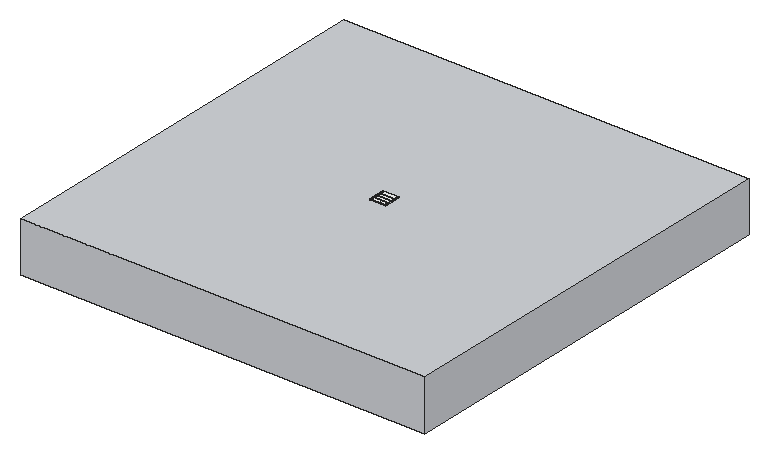
Revit family "Gira_5024126", category Elektroinstallationen, Revit 2017
Family settings
  Basisbauteil = Fläche
  Beschriftungsausrichtung beibehalten = Nein
  Bemaßung runder Anschluss = Durchmesser verwenden
  Teiletyp = Normal
  Beim Laden mit Abzugskörper schneiden = Nein
  Gemeinsam genutzt = Nein
  Raumberechnungspunkt = Nein
Parameters (values of type "Wippenset 4f Tastsens.4 TS4 Alum.Schwarz")
  Werkstoffgüte = "Aluminium"
  Werkstoff Text = "Metall"
  Default Elevation = 1219.2 mm
  URL = "https://www.gira.de/"
  Typname = "Wippenset 4f Tastsens.4 TS4 Alum.Schwarz"
  Type Comments = ""
  Transparent = no
  Produktseite = "https://media.stage.bim.site/t/eyJhbGciOiJIUzI1NiIsInR5cCI6IkpXVCJ9.eyJjdCI6MiwidHUiOiJodHRwOi8va2F0YWxvZy5naXJhLmRlL2RlX0RFL2RhdGVuYmxhdHQuaHRtbD9hcnRpa2VsbnI9NTAyNDEyNiIsImNpZCI6IjMyNzdjYzIzLTgxYTktNGVlMy1hOTBhLWI0N2JiNGMwYjYxNiIsInJpZCI6IjExODkzMmMyZjk3YTdmZjZlNjQ5NTg1ZjlmZDQ2ODNhIiwicGlkIjoiZTE3ZGMzZmQxMTRkOTJkZjBjNDliZThlN2IwMzMyZGJmNDYwODc1OSIsInNpZCI6IjYzNDcwIiwidXQiOjEsImxjIjoiZGUiLCJpYXQiOjE2MDA5NDQyMjksImlzcyI6Imh0dHBzOi8vYXBpLmxpdmUuYmltLnNpdGUiLCJzdWIiOiJhZG1pbkBiaW1zaXRlLmRldiJ9.NVDjUushHnzFav6xW673LVRmt1MWyAbPvvgOzDl4tfE"
  Model = ""
  Cost = 0
  Hersteller = "Gira"
  HeinzeBIM = "https://www.heinze.de/bim/wippenset-4f-tastsens-4-ts4-alum-schwarz/e17dc3fd114d92df0c49be8e7b0332dbf4608759"
  HAN = "5024126"
  GTIN = "4010337072096"
  Funk bidirektional = no
  Farbe = "schwarz"
  Datenblatt 1 = "https://media.stage.bim.site/t/eyJhbGciOiJIUzI1NiIsInR5cCI6IkpXVCJ9.eyJjdCI6MSwidGYiOiJwdWJsaWMvZ2lyYS9hZThjNTU3LzUwMjQxMjYudHh0IiwiY2lkIjoiMzI3N2NjMjMtODFhOS00ZWUzLWE5MGEtYjQ3YmI0YzBiNjE2IiwicmlkIjoiMTE4OTMyYzJmOTdhN2ZmNmU2NDk1ODVmOWZkNDY4M2EiLCJwaWQiOiJlMTdkYzNmZDExNGQ5MmRmMGM0OWJlOGU3YjAzMzJkYmY0NjA4NzU5Iiwic2lkIjoiNjM0NzAiLCJ1dCI6MSwibGMiOiJkZSIsImlhdCI6MTYwMDk0NDIyOSwiaXNzIjoiaHR0cHM6Ly9hcGkubGl2ZS5iaW0uc2l0ZSIsInN1YiI6ImFkbWluQGJpbXNpdGUuZGV2In0.Foy1YbbLomoZ-tBC0hCQOjFUyoTWIMSkn1UmKZwyjTU/5024126.txt"
  Datenblatt = "https://media.stage.bim.site/t/eyJhbGciOiJIUzI1NiIsInR5cCI6IkpXVCJ9.eyJjdCI6MSwidHUiOiJodHRwczovL2thdGFsb2cuZ2lyYS5kZS9kZV9ERS9kb3dubG9hZC5odG1sP2FydGlrZWxucj01MDI0MTI2IiwiY2lkIjoiMzI3N2NjMjMtODFhOS00ZWUzLWE5MGEtYjQ3YmI0YzBiNjE2IiwicmlkIjoiMTE4OTMyYzJmOTdhN2ZmNmU2NDk1ODVmOWZkNDY4M2EiLCJwaWQiOiJlMTdkYzNmZDExNGQ5MmRmMGM0OWJlOGU3YjAzMzJkYmY0NjA4NzU5Iiwic2lkIjoiNjM0NzAiLCJ1dCI6MSwibGMiOiJkZSIsImlhdCI6MTYwMDk0NDIyOSwiaXNzIjoiaHR0cHM6Ly9hcGkubGl2ZS5iaW0uc2l0ZSIsInN1YiI6ImFkbWluQGJpbXNpdGUuZGV2In0.RtEqS9nQFJEwZDyxkV20atl1niRNxGwxg5u3fdTrGzk"
  Bussystem Powernet = no
  Bussystem LON = no
  Bussystem KNX-Funk = no
  Bussystem KNX = yes
  Bussystem Funkbus = no
  Beschreibung = "Wippenset 4fach für Tastsensor 4  Aluminium Schwarz Hinweise :  Beschreibbare Wippensets können mit einer individuellen Beschriftung versehen werden. Die Bestellung wird über den Großhandel abgewickelt, der beim Bestellvorgang der Wippen angegeben wurde."
  Assembly Code = ""
  Keynote = ""
  BIMSITE_PRODUCT_ID = "e17dc3fd114d92df0c49be8e7b0332dbf4608759"
  BIM = "https://media.stage.bim.site/t/eyJhbGciOiJIUzI1NiIsInR5cCI6IkpXVCJ9.eyJjdCI6MSwidGYiOiJwdWJsaWMvZ2lyYS9hZThjNTU3LzQwXzUwMjQwMCBUUzQgV2lwcGVuc2V0IDRmYWNoLnJmYSIsImNpZCI6IjMyNzdjYzIzLTgxYTktNGVlMy1hOTBhLWI0N2JiNGMwYjYxNiIsInJpZCI6IjExODkzMmMyZjk3YTdmZjZlNjQ5NTg1ZjlmZDQ2ODNhIiwicGlkIjoiZTE3ZGMzZmQxMTRkOTJkZjBjNDliZThlN2IwMzMyZGJmNDYwODc1OSIsInNpZCI6IjYzNDcwIiwidXQiOjUsImxjIjoiZGUiLCJpYXQiOjE2MDA5NDQyMjksImlzcyI6Imh0dHBzOi8vYXBpLmxpdmUuYmltLnNpdGUiLCJzdWIiOiJhZG1pbkBiaW1zaXRlLmRldiJ9.iJnGzjnNZaNWMipTgJTsDmdjjyrVJ9u83Y15JSx_Sy0/40_502400 TS4 Wippenset 4fach.rfa"
  Andere Bussysteme = "ohne"
Reference planes
  plane 1 "Center (Front/Back)": y = 0
  plane 2: z = 0
  plane 3 "Center (Left/Right)": x = 0
Forms (mm)
  Extrusion 1, solid
    sketch origin (0, 0, 0) x (1, 0, 0) y (0, 1, 0)
      loop
        line (-1219.2, 1219.2) -> (-1219.2, -1219.2) -> (1219.2, -1219.2) -> (1219.2, 1219.2) -> (-1219.2, 1219.2)
    from 0 to -304.8
Dimensions and locks
  aligned and locked: plane 2 to Extrusion 1
  aligned and locked: level to Extrusion 1
Nested families
  nested 1: "40_502100 TS4 Wippenset 4fach" at (0, 0, 0), type "40_502100 TS4 Wippenset 4fach"
Definition of nested family "40_502100 TS4 Wippenset 4fach"
  Parameters
    White = none
  Reference planes
    plane 1 "Center (Front/Back)": y = 0
    plane 2: z = 0
    plane 3 "Center (Left/Right)": x = 0
  Forms (mm)
    Extrusion 1, solid, material <- "White", detail levels fine
      sketch origin (0, 0, 0) x (1, 0, 0) y (0, 1, 0)
        loop
          arc (-46.5, 47.5) -> (-47.207, 47.207) -> (-47.5, 46.5) r 1
          line (-47.5, 46.5) -> (-47.5, 36.7) -> (-42.5, 36.7)
          arc (-42.5, 36.7) -> (-41.5, 35.7) -> (-42.5, 34.7) r 1
          line (-42.5, 34.7) -> (-47.5, 34.7) -> (-47.5, 24.95)
          arc (-47.5, 24.95) -> (-47.207, 24.243) -> (-46.5, 23.95) r 1
          line (-46.5, 23.95) -> (46.5, 23.95)
          arc (46.5, 23.95) -> (47.207, 24.243) -> (47.5, 24.95) r 1
          line (47.5, 24.95) -> (47.5, 34.7) -> (42.5, 34.7)
          arc (42.5, 34.7) -> (41.5, 35.7) -> (42.5, 36.7) r 1
          line (42.5, 36.7) -> (47.5, 36.7) -> (47.5, 46.5)
          arc (47.5, 46.5) -> (47.207, 47.207) -> (46.5, 47.5) r 1
          line (46.5, 47.5) -> (-46.5, 47.5)
      from 0 to 3.1
    Extrusion 2, solid, material <- "White", detail levels fine
      sketch origin (0, 0, 0) x (1, 0, 0) y (0, 1, 0)
        loop
          line (43.976, 44.188) -> (-43.976, 44.188) -> (-43.976, 27.198) -> (43.976, 27.198) -> (43.976, 44.188)
      from 0 to -1.5
    Extrusion 3, solid, detail levels fine
      sketch origin (0, 0, 0) x (1, 0, 0) y (0, 0, -1)
        loop
          line (-1.639, 4) -> (-2.5, 4) -> (-3.5, 1.5) -> (3.5, 1.5) -> (2.5, 4) -> (1.639, 4)
          arc (1.639, 4) -> (1.115, 3.694) -> (1.122, 3.087) r 0.603
          arc (1.122, 3.087) -> (-0.011, 1.666) -> (-1.122, 3.087) r 1.145
          arc (-1.122, 3.087) -> (-1.115, 3.694) -> (-1.639, 4) r 0.603
      from 41.985 to 44.199
    Extrusion 4, solid, material <- "White", detail levels medium
      sketch origin (0, 0, 0) x (1, 0, 0) y (0, 1, 0)
        loop
          line (43.976, 44.188) -> (-43.976, 44.188) -> (-43.976, 27.198) -> (43.976, 27.198) -> (43.976, 44.188)
      from 0 to -4
    Extrusion 5, solid, material <- "White", detail levels medium
      sketch origin (0, 0, 0) x (1, 0, 0) y (0, 1, 0)
        loop
          line (-47.5, 47.5) -> (-47.5, 23.95) -> (47.5, 23.95) -> (47.5, 47.5) -> (-47.5, 47.5)
      from 0 to 3.3
    Extrusion 6, solid, material <- "White", detail levels fine
      sketch origin (0, 0, 0) x (1, 0, 0) y (0, 1, 0)
        loop
          line (-43.976, 44.188) -> (-43.976, 40.908) -> (-42.655, 40.908) -> (-42.655, 44.188) -> (-43.976, 44.188)
        loop
          line (43.976, 44.188) -> (42.655, 44.188) -> (42.655, 40.908) -> (43.976, 40.908) -> (43.976, 44.188)
        loop
          line (-43.976, 27.198) -> (-42.655, 27.198) -> (-42.655, 30.479) -> (-43.976, 30.479) -> (-43.976, 27.198)
        loop
          line (43.976, 27.198) -> (43.976, 30.479) -> (42.655, 30.479) -> (42.655, 27.198) -> (43.976, 27.198)
      from 0 to -4
    Extrusion 7, solid, detail levels fine
      sketch origin (0, 35.7, 0) x (1, 0, 0) y (0, 1, 0)
        loop
          line (-47.5, 1) -> (-47.5, -1) -> (-42.5, -1)
          arc (-42.5, -1) -> (-41.5, 0) -> (-42.5, 1) r 1
          line (-42.5, 1) -> (-47.5, 1)
        loop
          line (47.5, 1) -> (42.5, 1)
          arc (42.5, 1) -> (41.5, 0) -> (42.5, -1) r 1
          line (42.5, -1) -> (47.5, -1) -> (47.5, 1)
      from 0 to 3.3
    Extrusion 8, solid, detail levels coarse
      sketch origin (0, 0, 0) x (1, 0, 0) y (0, 1, 0)
        loop
          line (-47.5, 47.5) -> (-47.5, -47.45) -> (47.5, -47.45) -> (47.5, 47.5) -> (-47.5, 47.5)
      from -4 to 3.3
    Extrusion 9, solid, material <- "White", detail levels fine
      sketch origin (0, 35.735, 0) x (1, 0, 0) y (0, 1, 0)
        loop
          line (-41.852, 6.181) -> (-43.976, 4.461) -> (-43.976, -4.461) -> (-41.852, -6.181)
          arc (-41.852, -6.181) -> (-38.884, -6.014) -> (-38.763, -3.043) r 2.212
          line (-38.763, -3.043) -> (-38.763, 3.043)
          arc (-38.763, 3.043) -> (-38.884, 6.014) -> (-41.852, 6.181) r 2.212
        loop
          arc (-39.415, 3.847) -> (-39.669, 5.38) -> (-41.223, 5.404) r 1.212
          line (-41.223, 5.404) -> (-42.938, 4.015) -> (-40.57, 1.883) -> (-39.415, 3.847)
        loop
          line (-39.415, -3.847) -> (-40.57, -1.883) -> (-42.938, -4.015) -> (-41.223, -5.404)
          arc (-41.223, -5.404) -> (-39.669, -5.38) -> (-39.415, -3.847) r 1.212
        loop
          arc (41.852, 6.181) -> (38.884, 6.014) -> (38.763, 3.043) r 2.212
          line (38.763, 3.043) -> (38.763, -3.043)
          arc (38.763, -3.043) -> (38.884, -6.014) -> (41.852, -6.181) r 2.212
          line (41.852, -6.181) -> (43.976, -4.461) -> (43.976, 4.461) -> (41.852, 6.181)
        loop
          line (39.415, 3.847) -> (40.57, 1.883) -> (42.938, 4.015) -> (41.223, 5.404)
          arc (41.223, 5.404) -> (39.669, 5.38) -> (39.415, 3.847) r 1.212
        loop
          arc (39.415, -3.847) -> (39.669, -5.38) -> (41.223, -5.404) r 1.212
          line (41.223, -5.404) -> (42.938, -4.015) -> (40.57, -1.883) -> (39.415, -3.847)
      from 0 to -3.1
    Extrusion 10, solid, material <- "White", detail levels fine
      sketch origin (0, -23.8, 0) x (1, 0, 0) y (0, 1, 0)
        loop
          arc (-46.5, 47.5) -> (-47.207, 47.207) -> (-47.5, 46.5) r 1
          line (-47.5, 46.5) -> (-47.5, 36.7) -> (-42.5, 36.7)
          arc (-42.5, 36.7) -> (-41.5, 35.7) -> (-42.5, 34.7) r 1
          line (-42.5, 34.7) -> (-47.5, 34.7) -> (-47.5, 24.95)
          arc (-47.5, 24.95) -> (-47.207, 24.243) -> (-46.5, 23.95) r 1
          line (-46.5, 23.95) -> (46.5, 23.95)
          arc (46.5, 23.95) -> (47.207, 24.243) -> (47.5, 24.95) r 1
          line (47.5, 24.95) -> (47.5, 34.7) -> (42.5, 34.7)
          arc (42.5, 34.7) -> (41.5, 35.7) -> (42.5, 36.7) r 1
          line (42.5, 36.7) -> (47.5, 36.7) -> (47.5, 46.5)
          arc (47.5, 46.5) -> (47.207, 47.207) -> (46.5, 47.5) r 1
          line (46.5, 47.5) -> (-46.5, 47.5)
      from 0 to 3.1
    Extrusion 11, solid, material <- "White", detail levels fine
      sketch origin (0, -23.8, 0) x (1, 0, 0) y (0, 1, 0)
        loop
          line (43.976, 44.188) -> (-43.976, 44.188) -> (-43.976, 27.198) -> (43.976, 27.198) -> (43.976, 44.188)
      from 0 to -1.5
    Extrusion 12, solid, detail levels fine
      sketch origin (0, -23.8, 0) x (1, 0, 0) y (0, 0, -1)
        loop
          line (-1.639, 4) -> (-2.5, 4) -> (-3.5, 1.5) -> (3.5, 1.5) -> (2.5, 4) -> (1.639, 4)
          arc (1.639, 4) -> (1.115, 3.694) -> (1.122, 3.087) r 0.603
          arc (1.122, 3.087) -> (-0.011, 1.666) -> (-1.122, 3.087) r 1.145
          arc (-1.122, 3.087) -> (-1.115, 3.694) -> (-1.639, 4) r 0.603
      from 41.985 to 44.199
    Extrusion 13, solid, material <- "White", detail levels medium
      sketch origin (0, -23.8, 0) x (1, 0, 0) y (0, 1, 0)
        loop
          line (43.976, 44.188) -> (-43.976, 44.188) -> (-43.976, 27.198) -> (43.976, 27.198) -> (43.976, 44.188)
      from 0 to -4
    Extrusion 14, solid, material <- "White", detail levels medium
      sketch origin (0, -23.8, 0) x (1, 0, 0) y (0, 1, 0)
        loop
          line (-47.5, 47.5) -> (-47.5, 23.95) -> (47.5, 23.95) -> (47.5, 47.5) -> (-47.5, 47.5)
      from 0 to 3.3
    Extrusion 15, solid, material <- "White", detail levels fine
      sketch origin (0, -23.8, 0) x (1, 0, 0) y (0, 1, 0)
        loop
          line (-43.976, 44.188) -> (-43.976, 40.908) -> (-42.655, 40.908) -> (-42.655, 44.188) -> (-43.976, 44.188)
        loop
          line (43.976, 44.188) -> (42.655, 44.188) -> (42.655, 40.908) -> (43.976, 40.908) -> (43.976, 44.188)
        loop
          line (-43.976, 27.198) -> (-42.655, 27.198) -> (-42.655, 30.479) -> (-43.976, 30.479) -> (-43.976, 27.198)
        loop
          line (43.976, 27.198) -> (43.976, 30.479) -> (42.655, 30.479) -> (42.655, 27.198) -> (43.976, 27.198)
      from 0 to -4
    Extrusion 16, solid, detail levels fine
      sketch origin (0, 11.9, 0) x (1, 0, 0) y (0, 1, 0)
        loop
          line (-47.5, 1) -> (-47.5, -1) -> (-42.5, -1)
          arc (-42.5, -1) -> (-41.5, 0) -> (-42.5, 1) r 1
          line (-42.5, 1) -> (-47.5, 1)
        loop
          line (47.5, 1) -> (42.5, 1)
          arc (42.5, 1) -> (41.5, 0) -> (42.5, -1) r 1
          line (42.5, -1) -> (47.5, -1) -> (47.5, 1)
      from 0 to 3.3
    Extrusion 17, solid, material <- "White", detail levels fine
      sketch origin (0, 11.935, 0) x (1, 0, 0) y (0, 1, 0)
        loop
          line (-41.852, 6.181) -> (-43.976, 4.461) -> (-43.976, -4.461) -> (-41.852, -6.181)
          arc (-41.852, -6.181) -> (-38.884, -6.014) -> (-38.763, -3.043) r 2.212
          line (-38.763, -3.043) -> (-38.763, 3.043)
          arc (-38.763, 3.043) -> (-38.884, 6.014) -> (-41.852, 6.181) r 2.212
        loop
          arc (-39.415, 3.847) -> (-39.669, 5.38) -> (-41.223, 5.404) r 1.212
          line (-41.223, 5.404) -> (-42.938, 4.015) -> (-40.57, 1.883) -> (-39.415, 3.847)
        loop
          line (-39.415, -3.847) -> (-40.57, -1.883) -> (-42.938, -4.015) -> (-41.223, -5.404)
          arc (-41.223, -5.404) -> (-39.669, -5.38) -> (-39.415, -3.847) r 1.212
        loop
          arc (41.852, 6.181) -> (38.884, 6.014) -> (38.763, 3.043) r 2.212
          line (38.763, 3.043) -> (38.763, -3.043)
          arc (38.763, -3.043) -> (38.884, -6.014) -> (41.852, -6.181) r 2.212
          line (41.852, -6.181) -> (43.976, -4.461) -> (43.976, 4.461) -> (41.852, 6.181)
        loop
          line (39.415, 3.847) -> (40.57, 1.883) -> (42.938, 4.015) -> (41.223, 5.404)
          arc (41.223, 5.404) -> (39.669, 5.38) -> (39.415, 3.847) r 1.212
        loop
          arc (39.415, -3.847) -> (39.669, -5.38) -> (41.223, -5.404) r 1.212
          line (41.223, -5.404) -> (42.938, -4.015) -> (40.57, -1.883) -> (39.415, -3.847)
      from 0 to -3.1
    Extrusion 18, solid, material <- "White", detail levels fine
      sketch origin (0, -47.65, 0) x (1, 0, 0) y (0, 1, 0)
        loop
          arc (-46.5, 47.5) -> (-47.207, 47.207) -> (-47.5, 46.5) r 1
          line (-47.5, 46.5) -> (-47.5, 36.7) -> (-42.5, 36.7)
          arc (-42.5, 36.7) -> (-41.5, 35.7) -> (-42.5, 34.7) r 1
          line (-42.5, 34.7) -> (-47.5, 34.7) -> (-47.5, 24.95)
          arc (-47.5, 24.95) -> (-47.207, 24.243) -> (-46.5, 23.95) r 1
          line (-46.5, 23.95) -> (46.5, 23.95)
          arc (46.5, 23.95) -> (47.207, 24.243) -> (47.5, 24.95) r 1
          line (47.5, 24.95) -> (47.5, 34.7) -> (42.5, 34.7)
          arc (42.5, 34.7) -> (41.5, 35.7) -> (42.5, 36.7) r 1
          line (42.5, 36.7) -> (47.5, 36.7) -> (47.5, 46.5)
          arc (47.5, 46.5) -> (47.207, 47.207) -> (46.5, 47.5) r 1
          line (46.5, 47.5) -> (-46.5, 47.5)
      from 0 to 3.1
    Extrusion 19, solid, material <- "White", detail levels fine
      sketch origin (0, -47.65, 0) x (1, 0, 0) y (0, 1, 0)
        loop
          line (43.976, 44.188) -> (-43.976, 44.188) -> (-43.976, 27.198) -> (43.976, 27.198) -> (43.976, 44.188)
      from 0 to -1.5
    Extrusion 20, solid, detail levels fine
      sketch origin (0, -47.65, 0) x (1, 0, 0) y (0, 0, -1)
        loop
          line (-1.639, 4) -> (-2.5, 4) -> (-3.5, 1.5) -> (3.5, 1.5) -> (2.5, 4) -> (1.639, 4)
          arc (1.639, 4) -> (1.115, 3.694) -> (1.122, 3.087) r 0.603
          arc (1.122, 3.087) -> (-0.011, 1.666) -> (-1.122, 3.087) r 1.145
          arc (-1.122, 3.087) -> (-1.115, 3.694) -> (-1.639, 4) r 0.603
      from 41.985 to 44.199
    Extrusion 21, solid, material <- "White", detail levels medium
      sketch origin (0, -47.65, 0) x (1, 0, 0) y (0, 1, 0)
        loop
          line (43.976, 44.188) -> (-43.976, 44.188) -> (-43.976, 27.198) -> (43.976, 27.198) -> (43.976, 44.188)
      from 0 to -4
    Extrusion 22, solid, material <- "White", detail levels medium
      sketch origin (0, -47.65, 0) x (1, 0, 0) y (0, 1, 0)
        loop
          line (-47.5, 47.5) -> (-47.5, 23.95) -> (47.5, 23.95) -> (47.5, 47.5) -> (-47.5, 47.5)
      from 0 to 3.3
    Extrusion 23, solid, material <- "White", detail levels fine
      sketch origin (0, -47.65, 0) x (1, 0, 0) y (0, 1, 0)
        loop
          line (-43.976, 44.188) -> (-43.976, 40.908) -> (-42.655, 40.908) -> (-42.655, 44.188) -> (-43.976, 44.188)
        loop
          line (43.976, 44.188) -> (42.655, 44.188) -> (42.655, 40.908) -> (43.976, 40.908) -> (43.976, 44.188)
        loop
          line (-43.976, 27.198) -> (-42.655, 27.198) -> (-42.655, 30.479) -> (-43.976, 30.479) -> (-43.976, 27.198)
        loop
          line (43.976, 27.198) -> (43.976, 30.479) -> (42.655, 30.479) -> (42.655, 27.198) -> (43.976, 27.198)
      from 0 to -4
    Extrusion 24, solid, detail levels fine
      sketch origin (0, -11.95, 0) x (1, 0, 0) y (0, 1, 0)
        loop
          line (-47.5, 1) -> (-47.5, -1) -> (-42.5, -1)
          arc (-42.5, -1) -> (-41.5, 0) -> (-42.5, 1) r 1
          line (-42.5, 1) -> (-47.5, 1)
        loop
          line (47.5, 1) -> (42.5, 1)
          arc (42.5, 1) -> (41.5, 0) -> (42.5, -1) r 1
          line (42.5, -1) -> (47.5, -1) -> (47.5, 1)
      from 0 to 3.3
    Extrusion 25, solid, material <- "White", detail levels fine
      sketch origin (0, -11.915, 0) x (1, 0, 0) y (0, 1, 0)
        loop
          line (-41.852, 6.181) -> (-43.976, 4.461) -> (-43.976, -4.461) -> (-41.852, -6.181)
          arc (-41.852, -6.181) -> (-38.884, -6.014) -> (-38.763, -3.043) r 2.212
          line (-38.763, -3.043) -> (-38.763, 3.043)
          arc (-38.763, 3.043) -> (-38.884, 6.014) -> (-41.852, 6.181) r 2.212
        loop
          arc (-39.415, 3.847) -> (-39.669, 5.38) -> (-41.223, 5.404) r 1.212
          line (-41.223, 5.404) -> (-42.938, 4.015) -> (-40.57, 1.883) -> (-39.415, 3.847)
        loop
          line (-39.415, -3.847) -> (-40.57, -1.883) -> (-42.938, -4.015) -> (-41.223, -5.404)
          arc (-41.223, -5.404) -> (-39.669, -5.38) -> (-39.415, -3.847) r 1.212
        loop
          arc (41.852, 6.181) -> (38.884, 6.014) -> (38.763, 3.043) r 2.212
          line (38.763, 3.043) -> (38.763, -3.043)
          arc (38.763, -3.043) -> (38.884, -6.014) -> (41.852, -6.181) r 2.212
          line (41.852, -6.181) -> (43.976, -4.461) -> (43.976, 4.461) -> (41.852, 6.181)
        loop
          line (39.415, 3.847) -> (40.57, 1.883) -> (42.938, 4.015) -> (41.223, 5.404)
          arc (41.223, 5.404) -> (39.669, 5.38) -> (39.415, 3.847) r 1.212
        loop
          arc (39.415, -3.847) -> (39.669, -5.38) -> (41.223, -5.404) r 1.212
          line (41.223, -5.404) -> (42.938, -4.015) -> (40.57, -1.883) -> (39.415, -3.847)
      from 0 to -3.1
    Extrusion 26, solid, material <- "White", detail levels fine
      sketch origin (0, -71.4, 0) x (1, 0, 0) y (0, 1, 0)
        loop
          arc (-46.5, 47.5) -> (-47.207, 47.207) -> (-47.5, 46.5) r 1
          line (-47.5, 46.5) -> (-47.5, 36.7) -> (-42.5, 36.7)
          arc (-42.5, 36.7) -> (-41.5, 35.7) -> (-42.5, 34.7) r 1
          line (-42.5, 34.7) -> (-47.5, 34.7) -> (-47.5, 24.95)
          arc (-47.5, 24.95) -> (-47.207, 24.243) -> (-46.5, 23.95) r 1
          line (-46.5, 23.95) -> (46.5, 23.95)
          arc (46.5, 23.95) -> (47.207, 24.243) -> (47.5, 24.95) r 1
          line (47.5, 24.95) -> (47.5, 34.7) -> (42.5, 34.7)
          arc (42.5, 34.7) -> (41.5, 35.7) -> (42.5, 36.7) r 1
          line (42.5, 36.7) -> (47.5, 36.7) -> (47.5, 46.5)
          arc (47.5, 46.5) -> (47.207, 47.207) -> (46.5, 47.5) r 1
          line (46.5, 47.5) -> (-46.5, 47.5)
      from 0 to 3.1
    Extrusion 27, solid, material <- "White", detail levels fine
      sketch origin (0, -71.4, 0) x (1, 0, 0) y (0, 1, 0)
        loop
          line (43.976, 44.188) -> (-43.976, 44.188) -> (-43.976, 27.198) -> (43.976, 27.198) -> (43.976, 44.188)
      from 0 to -1.5
    Extrusion 28, solid, detail levels fine
      sketch origin (0, -71.4, 0) x (1, 0, 0) y (0, 0, -1)
        loop
          line (-1.639, 4) -> (-2.5, 4) -> (-3.5, 1.5) -> (3.5, 1.5) -> (2.5, 4) -> (1.639, 4)
          arc (1.639, 4) -> (1.115, 3.694) -> (1.122, 3.087) r 0.603
          arc (1.122, 3.087) -> (-0.011, 1.666) -> (-1.122, 3.087) r 1.145
          arc (-1.122, 3.087) -> (-1.115, 3.694) -> (-1.639, 4) r 0.603
      from 41.985 to 44.199
    Extrusion 29, solid, material <- "White", detail levels medium
      sketch origin (0, -71.4, 0) x (1, 0, 0) y (0, 1, 0)
        loop
          line (43.976, 44.188) -> (-43.976, 44.188) -> (-43.976, 27.198) -> (43.976, 27.198) -> (43.976, 44.188)
      from 0 to -4
    Extrusion 30, solid, material <- "White", detail levels medium
      sketch origin (0, -71.4, 0) x (1, 0, 0) y (0, 1, 0)
        loop
          line (-47.5, 47.5) -> (-47.5, 23.95) -> (47.5, 23.95) -> (47.5, 47.5) -> (-47.5, 47.5)
      from 0 to 3.3
    Extrusion 31, solid, material <- "White", detail levels fine
      sketch origin (0, -71.4, 0) x (1, 0, 0) y (0, 1, 0)
        loop
          line (-43.976, 44.188) -> (-43.976, 40.908) -> (-42.655, 40.908) -> (-42.655, 44.188) -> (-43.976, 44.188)
        loop
          line (43.976, 44.188) -> (42.655, 44.188) -> (42.655, 40.908) -> (43.976, 40.908) -> (43.976, 44.188)
        loop
          line (-43.976, 27.198) -> (-42.655, 27.198) -> (-42.655, 30.479) -> (-43.976, 30.479) -> (-43.976, 27.198)
        loop
          line (43.976, 27.198) -> (43.976, 30.479) -> (42.655, 30.479) -> (42.655, 27.198) -> (43.976, 27.198)
      from 0 to -4
    Extrusion 32, solid, detail levels fine
      sketch origin (0, -35.7, 0) x (1, 0, 0) y (0, 1, 0)
        loop
          line (-47.5, 1) -> (-47.5, -1) -> (-42.5, -1)
          arc (-42.5, -1) -> (-41.5, 0) -> (-42.5, 1) r 1
          line (-42.5, 1) -> (-47.5, 1)
        loop
          line (47.5, 1) -> (42.5, 1)
          arc (42.5, 1) -> (41.5, 0) -> (42.5, -1) r 1
          line (42.5, -1) -> (47.5, -1) -> (47.5, 1)
      from 0 to 3.3
    Extrusion 33, solid, material <- "White", detail levels fine
      sketch origin (0, -35.665, 0) x (1, 0, 0) y (0, 1, 0)
        loop
          line (-41.852, 6.181) -> (-43.976, 4.461) -> (-43.976, -4.461) -> (-41.852, -6.181)
          arc (-41.852, -6.181) -> (-38.884, -6.014) -> (-38.763, -3.043) r 2.212
          line (-38.763, -3.043) -> (-38.763, 3.043)
          arc (-38.763, 3.043) -> (-38.884, 6.014) -> (-41.852, 6.181) r 2.212
        loop
          arc (-39.415, 3.847) -> (-39.669, 5.38) -> (-41.223, 5.404) r 1.212
          line (-41.223, 5.404) -> (-42.938, 4.015) -> (-40.57, 1.883) -> (-39.415, 3.847)
        loop
          line (-39.415, -3.847) -> (-40.57, -1.883) -> (-42.938, -4.015) -> (-41.223, -5.404)
          arc (-41.223, -5.404) -> (-39.669, -5.38) -> (-39.415, -3.847) r 1.212
        loop
          arc (41.852, 6.181) -> (38.884, 6.014) -> (38.763, 3.043) r 2.212
          line (38.763, 3.043) -> (38.763, -3.043)
          arc (38.763, -3.043) -> (38.884, -6.014) -> (41.852, -6.181) r 2.212
          line (41.852, -6.181) -> (43.976, -4.461) -> (43.976, 4.461) -> (41.852, 6.181)
        loop
          line (39.415, 3.847) -> (40.57, 1.883) -> (42.938, 4.015) -> (41.223, 5.404)
          arc (41.223, 5.404) -> (39.669, 5.38) -> (39.415, 3.847) r 1.212
        loop
          arc (39.415, -3.847) -> (39.669, -5.38) -> (41.223, -5.404) r 1.212
          line (41.223, -5.404) -> (42.938, -4.015) -> (40.57, -1.883) -> (39.415, -3.847)
      from 0 to -3.1
    Extrusion 34, solid, detail levels fine
      sketch origin (0, 71.387, 0) x (1, 0, 0) y (0, 0, 1)
        loop
          arc (-1.639, -4) -> (-1.115, -3.694) -> (-1.122, -3.087) r 0.603
          arc (-1.122, -3.087) -> (-0.011, -1.666) -> (1.122, -3.087) r 1.145
          arc (1.122, -3.087) -> (1.115, -3.694) -> (1.639, -4) r 0.603
          line (1.639, -4) -> (2.5, -4) -> (3.5, -1.5) -> (-3.5, -1.5) -> (-2.5, -4) -> (-1.639, -4)
      from 41.985 to 44.199
    Extrusion 35, solid, detail levels fine
      sketch origin (0, 47.597, 0) x (1, 0, 0) y (0, 0, 1)
        loop
          arc (-1.639, -4) -> (-1.115, -3.694) -> (-1.122, -3.087) r 0.603
          arc (-1.122, -3.087) -> (-0.011, -1.666) -> (1.122, -3.087) r 1.145
          arc (1.122, -3.087) -> (1.115, -3.694) -> (1.639, -4) r 0.603
          line (1.639, -4) -> (2.5, -4) -> (3.5, -1.5) -> (-3.5, -1.5) -> (-2.5, -4) -> (-1.639, -4)
      from 41.985 to 44.199
    Extrusion 36, solid, detail levels fine
      sketch origin (0, 23.747, 0) x (1, 0, 0) y (0, 0, 1)
        loop
          arc (-1.639, -4) -> (-1.115, -3.694) -> (-1.122, -3.087) r 0.603
          arc (-1.122, -3.087) -> (-0.011, -1.666) -> (1.122, -3.087) r 1.145
          arc (1.122, -3.087) -> (1.115, -3.694) -> (1.639, -4) r 0.603
          line (1.639, -4) -> (2.5, -4) -> (3.5, -1.5) -> (-3.5, -1.5) -> (-2.5, -4) -> (-1.639, -4)
      from 41.985 to 44.199
    Extrusion 37, solid, detail levels fine
      sketch origin (0, -0.003, 0) x (1, 0, 0) y (0, 0, 1)
        loop
          arc (-1.639, -4) -> (-1.115, -3.694) -> (-1.122, -3.087) r 0.603
          arc (-1.122, -3.087) -> (-0.011, -1.666) -> (1.122, -3.087) r 1.145
          arc (1.122, -3.087) -> (1.115, -3.694) -> (1.639, -4) r 0.603
          line (1.639, -4) -> (2.5, -4) -> (3.5, -1.5) -> (-3.5, -1.5) -> (-2.5, -4) -> (-1.639, -4)
      from 41.985 to 44.199
  Cuts and joins
    joined: Extrusion 2, Extrusion 6, Extrusion 9
  Dimensions and locks
    aligned and locked: level to plane 2
